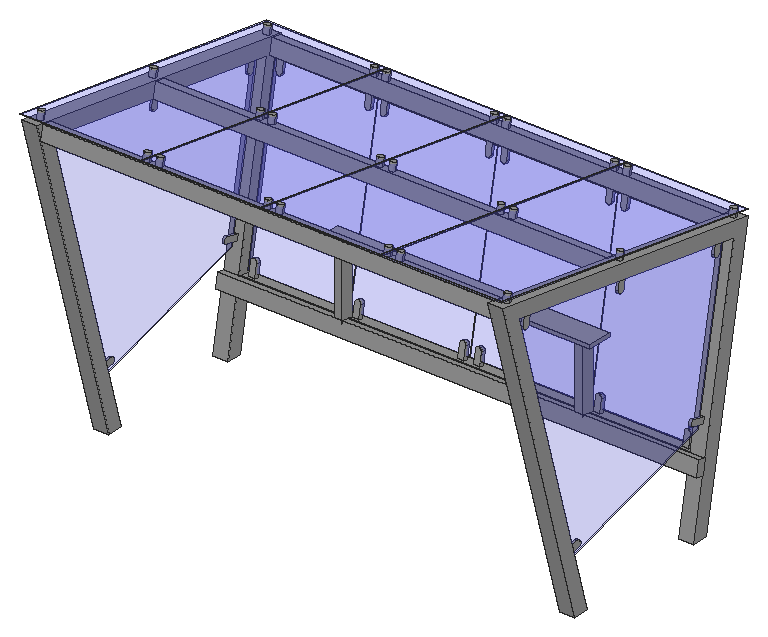
Revit family "12197 Павильон для курения «Смоки» Хоббика", category Антураж, Revit 2018
Family settings
  На основе рабочей плоскости = Нет
  Всегда вертикально = Да
  При загрузке вырезать с полостями = Нет
  Источник визуального образа = Геометрия семейства
  Общий = Нет
  Точка расчета площади = Нет
Parameters (values of type "Павильон для курения «Смоки»")
  Ширина = 2500 mm  # constant formula
  Цвет подставки = Дерево
  Цвет каркаса = Сталь
  Цвет витража = Стекло
  Описание = "Павильон для курения «Смоки»"  # constant formula
  Материал изделия = "Сталь, закаленное стекло, дерево"  # constant formula
  Изображение типоразмера = Павильон для курения «Смоки» Арт 12197.jpeg
  Изготовитель = "ООО «Хоббика»"  # constant formula
  Длина = 3900 mm  # constant formula
  Группа модели = "Павильоны, остановки, курилки, буккроссинг"  # constant formula
  Высота = 2465 mm  # constant formula
  Артикул товара = "Арт. 12197"  # constant formula
  URL = "https://hobbyka.ru/product/pavilon_dlya_kureniya_smoki/"
Reference planes
  plane 1 "По центру (Вперед/Назад)": y = 0
  plane 2: z = 0
  plane 3 "По центру (Влево/Вправо)": x = 0
  plane 4: y = 2500
  plane 5: x = 3900
  plane 6: z = 2465
Forms (mm)
  Extrusion 1, solid, material "Стекло" <- "Цвет витража"
    sketch origin (0, 0, 0) x (0, 1, 0) y (0, 0, 1)
      loop
        line (2500, 2045) -> (0, 2465) -> (0, 2454.86) -> (2500, 2034.86) -> (2500, 2045)
    from 0 to 975
  Extrusion 2, solid, material "Стекло" <- "Цвет витража"
    sketch origin (0, 0, 0) x (0, 1, 0) y (0, 0, 1)
      loop
        line (2500, 2045) -> (0, 2465) -> (0, 2454.86) -> (2500, 2034.86) -> (2500, 2045)
    from 975 to 1950
  Extrusion 3, solid, material "Стекло" <- "Цвет витража"
    sketch origin (0, 0, 0) x (0, 1, 0) y (0, 0, 1)
      loop
        line (2500, 2045) -> (0, 2465) -> (0, 2454.86) -> (2500, 2034.86) -> (2500, 2045)
    from 1950 to 2925
  Extrusion 4, solid, material "Стекло" <- "Цвет витража"
    sketch origin (0, 0, 0) x (0, 1, 0) y (0, 0, 1)
      loop
        line (2500, 2045) -> (0, 2465) -> (0, 2454.86) -> (2500, 2034.86) -> (2500, 2045)
    from 2925 to 3900
  Extrusion 5, solid, material "Сталь" <- "Цвет каркаса"
    sketch origin (0, 0, 0) x (0, 1, 0) y (0, 0, 1)
      loop
        line (12.164, 2412.256) -> (743.73, -150) -> (868.525, -150) -> (179.74, 2262.421) -> (2350.74, 1897.693) -> (1948.217, -150) -> (2070.514, -150) -> (2492.282, 1995.596) -> (12.164, 2412.256)
    from 0 to 120
  Extrusion 6, solid, material "Стекло" <- "Цвет витража"
    sketch origin (0, 0, 0) x (0, 1, 0) y (0, 0, 1)
      loop
        line (214.651, 2231.206) -> (782.58, 242.077) -> (2072.19, 610.282) -> (2321.252, 1877.297) -> (214.651, 2231.206)
    from 55 to 65
  Extrusion 7, solid, material "Сталь" <- "Цвет каркаса"
    sketch origin (0, 0, 0) x (0, 1, 0) y (0, 0, 1)
      loop
        line (302.901, 2241.73) -> (286.333, 2143.112)
        arc (286.333, 2143.112) -> (306.846, 2114.316) -> (335.642, 2134.828) r 25
        line (335.642, 2134.828) -> (352.21, 2233.446) -> (302.901, 2241.73)
      loop
        line (1265.24, 2080.057) -> (1248.672, 1981.439)
        arc (1248.672, 1981.439) -> (1269.185, 1952.643) -> (1297.981, 1973.155) r 25
        line (1297.981, 1973.155) -> (1314.549, 2071.773) -> (1265.24, 2080.057)
      loop
        line (2236.627, 1916.864) -> (2220.059, 1818.246)
        arc (2220.059, 1818.246) -> (2240.572, 1789.45) -> (2269.368, 1809.962) r 25
        line (2269.368, 1809.962) -> (2285.936, 1908.58) -> (2236.627, 1916.864)
      loop
        line (747.559, 273.676) -> (843.716, 301.131)
        arc (843.716, 301.131) -> (860.892, 332.034) -> (829.989, 349.21) r 25
        line (829.989, 349.21) -> (733.832, 321.755) -> (747.559, 273.676)
      loop
        arc (2015.174, 709.067) -> (1985.821, 689.358) -> (2005.53, 660.006) r 25
        line (2005.53, 660.006) -> (2103.652, 640.717) -> (2113.296, 689.778) -> (2015.174, 709.067)
    from 50 to 70
  Extrusion 8, solid, material "Сталь" <- "Цвет каркаса"
    sketch origin (0, 0, 0) x (0, 1, 0) y (0, 0, 1)
      loop
        line (12.164, 2412.256) -> (743.73, -150) -> (868.525, -150) -> (179.74, 2262.421) -> (2350.74, 1897.693) -> (1948.217, -150) -> (2070.514, -150) -> (2492.282, 1995.596) -> (12.164, 2412.256)
    from 3780 to 3900
  Extrusion 9, solid, material "Стекло" <- "Цвет витража"
    sketch origin (0, 0, 0) x (0, 1, 0) y (0, 0, 1)
      loop
        line (214.651, 2231.206) -> (782.58, 242.077) -> (2072.19, 610.282) -> (2321.252, 1877.297) -> (214.651, 2231.206)
    from 3835 to 3845
  Extrusion 10, solid, material "Сталь" <- "Цвет каркаса"
    sketch origin (0, 0, 0) x (0, 1, 0) y (0, 0, 1)
      loop
        line (302.901, 2241.73) -> (286.333, 2143.112)
        arc (286.333, 2143.112) -> (306.846, 2114.316) -> (335.642, 2134.828) r 25
        line (335.642, 2134.828) -> (352.21, 2233.446) -> (302.901, 2241.73)
      loop
        line (1265.24, 2080.057) -> (1248.672, 1981.439)
        arc (1248.672, 1981.439) -> (1269.185, 1952.643) -> (1297.981, 1973.155) r 25
        line (1297.981, 1973.155) -> (1314.549, 2071.773) -> (1265.24, 2080.057)
      loop
        line (2236.627, 1916.864) -> (2220.059, 1818.246)
        arc (2220.059, 1818.246) -> (2240.572, 1789.45) -> (2269.368, 1809.962) r 25
        line (2269.368, 1809.962) -> (2285.936, 1908.58) -> (2236.627, 1916.864)
      loop
        line (747.559, 273.676) -> (843.716, 301.131)
        arc (843.716, 301.131) -> (860.892, 332.034) -> (829.989, 349.21) r 25
        line (829.989, 349.21) -> (733.832, 321.755) -> (747.559, 273.676)
      loop
        arc (2015.174, 709.067) -> (1985.821, 689.358) -> (2005.53, 660.006) r 25
        line (2005.53, 660.006) -> (2103.652, 640.717) -> (2113.296, 689.778) -> (2015.174, 709.067)
    from 3830 to 3850
  Extrusion 11, solid, material "Сталь" <- "Цвет каркаса"
    sketch origin (0, 0, 0) x (0, 1, 0) y (0, 0, 1)
      loop
        line (2448.714, 1881.234) -> (2468.595, 1999.575) -> (2389.671, 2012.835) -> (2369.789, 1894.493) -> (2448.714, 1881.234)
      loop
        line (1268.53, 2079.505) -> (1291.685, 2197.296) -> (1212.761, 2210.556) -> (1189.606, 2092.764) -> (1268.53, 2079.505)
      loop
        line (127.581, 2271.184) -> (150.736, 2388.976) -> (71.811, 2402.235) -> (48.657, 2284.443) -> (127.581, 2271.184)
    from 120 to 3780
  Extrusion 12, solid, material "Сталь" <- "Цвет каркаса"
    sketch origin (0, -298.09, 433.019) x (1, 0, 0) y (0, 0.98618, -0.165678)
      loop
        circle (60, 2421.511) r 25
      loop
        circle (60, 95.952) r 25
      loop
        circle (60, 1252.223) r 25
      loop
        circle (925, 2421.511) r 25
      loop
        circle (925, 95.952) r 25
      loop
        circle (925, 1252.223) r 25
      loop
        circle (1900, 2421.511) r 25
      loop
        circle (1900, 95.952) r 25
      loop
        circle (1900, 1252.223) r 25
      loop
        circle (2875, 2421.511) r 25
      loop
        circle (2875, 95.952) r 25
      loop
        circle (2875, 1252.223) r 25
      loop
        circle (2975, 2421.511) r 25
      loop
        circle (2975, 95.952) r 25
      loop
        circle (2975, 1252.223) r 25
      loop
        circle (2000, 2421.511) r 25
      loop
        circle (2000, 95.952) r 25
      loop
        circle (2000, 1252.223) r 25
      loop
        circle (1025, 2421.511) r 25
      loop
        circle (1025, 95.952) r 25
      loop
        circle (1025, 1252.223) r 25
      loop
        circle (3840, 2421.511) r 25
      loop
        circle (3840, 95.952) r 25
      loop
        circle (3840, 1252.223) r 25
    from 2003.285 to 2063.285
  Extrusion 13, solid, material "Стекло" <- "Цвет витража"
    sketch origin (0, 0, 0) x (0, 1, 0) y (0, 0, 1)
      loop
        line (2400.177, 1864.038) -> (2120.639, 441.987) -> (2130.451, 440.058) -> (2410.042, 1862.38) -> (2400.177, 1864.038)
    from 145 to 975
  Extrusion 14, solid, material "Стекло" <- "Цвет витража"
    sketch origin (0, 0, 0) x (0, 1, 0) y (0, 0, 1)
      loop
        line (2400.177, 1864.038) -> (2120.639, 441.987) -> (2130.451, 440.058) -> (2410.042, 1862.38) -> (2400.177, 1864.038)
    from 975 to 1950
  Extrusion 15, solid, material "Стекло" <- "Цвет витража"
    sketch origin (0, 0, 0) x (0, 1, 0) y (0, 0, 1)
      loop
        line (2400.177, 1864.038) -> (2120.639, 441.987) -> (2130.451, 440.058) -> (2410.042, 1862.38) -> (2400.177, 1864.038)
    from 1950 to 2925
  Extrusion 16, solid, material "Стекло" <- "Цвет витража"
    sketch origin (3900, 0, 0) x (0, 1, 0) y (0, 0, -1)
      loop
        line (2400.177, -1864.038) -> (2410.042, -1862.38) -> (2130.451, -440.058) -> (2120.639, -441.987) -> (2400.177, -1864.038)
    from 145 to 975
  Extrusion 17, solid, material "Сталь" <- "Цвет каркаса"
    sketch origin (-212.5, -274.979, 450.335) x (1, 0, 0) y (0, 0.165678, 0.98618)
      loop
        line (380, 1862.38) -> (380, 1762.38)
        arc (380, 1762.38) -> (405, 1737.38) -> (430, 1762.38) r 25
        line (430, 1762.38) -> (430, 1862.38) -> (380, 1862.38)
    from -2399.374 to -2415.611
  Extrusion 18, solid, material "Сталь" <- "Цвет каркаса"
    sketch origin (507.5, -274.979, 450.335) x (1, 0, 0) y (0, 0.165678, 0.98618)
      loop
        line (380, 1862.38) -> (380, 1762.38)
        arc (380, 1762.38) -> (405, 1737.38) -> (430, 1762.38) r 25
        line (430, 1762.38) -> (430, 1862.38) -> (380, 1862.38)
    from -2399.374 to -2415.611
  Extrusion 19, solid, material "Сталь" <- "Цвет каркаса"
    sketch origin (1442.5, -274.979, 450.335) x (-1, 0, 0) y (0, -0.165678, -0.98618)
      loop
        line (380, -1862.38) -> (430, -1862.38) -> (430, -1762.38)
        arc (430, -1762.38) -> (405, -1737.38) -> (380, -1762.38) r 25
        line (380, -1762.38) -> (380, -1862.38)
    from -2399.374 to -2415.611
  Extrusion 20, solid, material "Сталь" <- "Цвет каркаса"
    sketch origin (4112.5, -274.979, 450.335) x (-1, 0, 0) y (0, -0.165678, -0.98618)
      loop
        line (380, -1862.38) -> (430, -1862.38) -> (430, -1762.38)
        arc (430, -1762.38) -> (405, -1737.38) -> (380, -1762.38) r 25
        line (380, -1762.38) -> (380, -1862.38)
    from -2399.374 to -2415.611
  Extrusion 21, solid, material "Сталь" <- "Цвет каркаса"
    sketch origin (3392.5, -274.979, 450.335) x (-1, 0, 0) y (0, -0.165678, -0.98618)
      loop
        line (380, -1862.38) -> (430, -1862.38) -> (430, -1762.38)
        arc (430, -1762.38) -> (405, -1737.38) -> (380, -1762.38) r 25
        line (380, -1762.38) -> (380, -1862.38)
    from -2399.374 to -2415.611
  Extrusion 22, solid, material "Сталь" <- "Цвет каркаса"
    sketch origin (2457.5, -274.979, 450.335) x (1, 0, 0) y (0, 0.165678, 0.98618)
      loop
        line (380, 1862.38) -> (380, 1762.38)
        arc (380, 1762.38) -> (405, 1737.38) -> (430, 1762.38) r 25
        line (430, 1762.38) -> (430, 1862.38) -> (380, 1862.38)
    from -2399.374 to -2415.611
  Extrusion 23, solid, material "Сталь" <- "Цвет каркаса"
    sketch origin (2417.5, -274.979, 450.335) x (-1, 0, 0) y (0, -0.165678, -0.98618)
      loop
        line (380, -1862.38) -> (430, -1862.38) -> (430, -1762.38)
        arc (430, -1762.38) -> (405, -1737.38) -> (380, -1762.38) r 25
        line (380, -1762.38) -> (380, -1862.38)
    from -2399.374 to -2415.611
  Extrusion 24, solid, material "Сталь" <- "Цвет каркаса"
    sketch origin (1482.5, -274.979, 450.335) x (1, 0, 0) y (0, 0.165678, 0.98618)
      loop
        line (380, 1862.38) -> (380, 1762.38)
        arc (380, 1762.38) -> (405, 1737.38) -> (430, 1762.38) r 25
        line (430, 1762.38) -> (430, 1862.38) -> (380, 1862.38)
    from -2399.374 to -2415.611
  Extrusion 25, solid, material "Сталь" <- "Цвет каркаса"
    sketch origin (0, 0, 0) x (0, 1, 0) y (0, 0, 1)
      loop
        line (2156.451, 287.172) -> (2179.596, 404.919) -> (2061.85, 428.065) -> (2038.704, 310.318) -> (2156.451, 287.172)
    from 120 to 3780
  Extrusion 26, solid, material "Сталь" <- "Цвет каркаса"
    sketch origin (0, -43.849, 405.733) x (1, 0, 0) y (0, 0.192882, 0.981222)
      loop
        line (167.5, 428.065) -> (217.5, 428.065) -> (217.5, 528.065)
        arc (217.5, 528.065) -> (192.5, 553.065) -> (167.5, 528.065) r 25
        line (167.5, 528.065) -> (167.5, 428.065)
      loop
        line (887.5, 428.065) -> (937.5, 428.065) -> (937.5, 528.065)
        arc (937.5, 528.065) -> (912.5, 553.065) -> (887.5, 528.065) r 25
        line (887.5, 528.065) -> (887.5, 428.065)
      loop
        line (1012.5, 428.065) -> (1062.5, 428.065) -> (1062.5, 528.065)
        arc (1062.5, 528.065) -> (1037.5, 553.065) -> (1012.5, 528.065) r 25
        line (1012.5, 528.065) -> (1012.5, 428.065)
      loop
        line (1862.5, 428.065) -> (1912.5, 428.065) -> (1912.5, 528.065)
        arc (1912.5, 528.065) -> (1887.5, 553.065) -> (1862.5, 528.065) r 25
        line (1862.5, 528.065) -> (1862.5, 428.065)
      loop
        line (1987.5, 428.065) -> (2037.5, 428.065) -> (2037.5, 528.065)
        arc (2037.5, 528.065) -> (2012.5, 553.065) -> (1987.5, 528.065) r 25
        line (1987.5, 528.065) -> (1987.5, 428.065)
      loop
        line (2837.5, 428.065) -> (2887.5, 428.065) -> (2887.5, 528.065)
        arc (2887.5, 528.065) -> (2862.5, 553.065) -> (2837.5, 528.065) r 25
        line (2837.5, 528.065) -> (2837.5, 428.065)
      loop
        line (2962.5, 428.065) -> (3012.5, 428.065) -> (3012.5, 528.065)
        arc (3012.5, 528.065) -> (2987.5, 553.065) -> (2962.5, 528.065) r 25
        line (2962.5, 528.065) -> (2962.5, 428.065)
      loop
        line (3682.5, 428.065) -> (3732.5, 428.065) -> (3732.5, 528.065)
        arc (3732.5, 528.065) -> (3707.5, 553.065) -> (3682.5, 528.065) r 25
        line (3682.5, 528.065) -> (3682.5, 428.065)
    from -2106.85 to -2136.85
  Extrusion 27, solid, material "Сталь" <- "Цвет каркаса"
    sketch origin (0, 0, 0) x (0, 1, 0) y (0, 0, 1)
      loop
        line (2061.85, 428.065) -> (2002.977, 439.638) -> (1979.831, 321.891) -> (2038.704, 310.318) -> (2061.85, 428.065)
    from 0 to 3900
  Extrusion 28, solid, material "Сталь" <- "Цвет каркаса"
    sketch origin (0, 0, 0) x (1, 0, 0) y (0, 1, 0)
      loop
        line (1005, 2106.005) -> (945, 2106.005) -> (945, 2002.977) -> (1005, 2002.977) -> (1005, 2106.005)
      loop
        line (2955, 2106.005) -> (2895, 2106.005) -> (2895, 2002.977) -> (2955, 2002.977) -> (2955, 2106.005)
    from 413.447 to 970
  Extrusion 29, solid, material "Дерево" <- "Цвет подставки"
    sketch origin (0, 0, 0) x (0, 1, 0) y (0, 0, 1)
      loop
        line (2156.005, 970) -> (2156.005, 1000) -> (1952.977, 1000) -> (1952.977, 970) -> (2156.005, 970)
    from 845 to 3055
Lines and regions (mm)
  symbolic lines
    curve 1: line (0, 1265.24, 2080.057) -> (0, 1248.672, 1981.439)
    curve 2: line (0, 1248.672, 1981.439) -> (0, 1297.981, 1973.155)
    curve 3: line (0, 1297.981, 1973.155) -> (0, 1314.549, 2071.773)
    curve 4: line (0, 733.832, 321.755) -> (0, 829.989, 349.21)
    curve 5: line (0, 829.989, 349.21) -> (0, 843.716, 301.131)
    curve 6: line (0, 843.716, 301.131) -> (0, 747.559, 273.676)
    curve 7: line (0, 2103.652, 640.717) -> (0, 2005.53, 660.006)
    curve 8: line (0, 2005.53, 660.006) -> (0, 2015.174, 709.067)
    curve 9: line (0, 2015.174, 709.067) -> (0, 2113.296, 689.778)
    curve 10: line (0, 2236.627, 1916.864) -> (0, 2220.059, 1818.246)
    curve 11: line (0, 2220.059, 1818.246) -> (0, 2269.368, 1809.962)
    curve 12: line (0, 2269.368, 1809.962) -> (0, 2285.936, 1908.58)
    curve 13: line (0, 302.901, 2241.73) -> (0, 286.333, 2143.112)
    curve 14: line (0, 286.333, 2143.112) -> (0, 335.642, 2134.828)
    curve 15: line (0, 335.642, 2134.828) -> (0, 352.21, 2233.446)
    curve 16: line (0, 2061.85, 428.065) -> (0, 2061.85, 583.065)
Dimensions and locks
  "Длина": plane 3 "По центру (Влево/Вправо)" to plane 5
  "Ширина": plane 4 to plane 1 "По центру (Вперед/Назад)"
  "Высота": plane 6 to plane 2
  aligned and locked: level to plane 2
Automatic sketch dimensions
  Extrusion 1 sketch curve to plane 1 "По центру (Вперед/Назад)" = 0 mm
  Extrusion 1 sketch curve to plane 4 = 0 mm
  Extrusion 1 sketch curve to plane 6 = 0 mm
  Extrusion 1 sketch curve to Extrusion 1 sketch curve = 10.14 mm  (x2)
  Extrusion 1 sketch curve to plane 6 = 420 mm
  Extrusion 2 sketch curve to plane 1 "По центру (Вперед/Назад)" = 0 mm
  Extrusion 2 sketch curve to plane 4 = 0 mm
  Extrusion 2 sketch curve to plane 6 = 0 mm
  Extrusion 2 sketch curve to Extrusion 2 sketch curve = 10.14 mm  (x2)
  Extrusion 2 sketch curve to plane 6 = 420 mm
  Extrusion 3 sketch curve to plane 1 "По центру (Вперед/Назад)" = 0 mm
  Extrusion 3 sketch curve to plane 4 = 0 mm
  Extrusion 3 sketch curve to plane 6 = 0 mm
  Extrusion 3 sketch curve to Extrusion 3 sketch curve = 10.14 mm  (x2)
  Extrusion 3 sketch curve to plane 6 = 420 mm
  Extrusion 4 sketch curve to plane 1 "По центру (Вперед/Назад)" = 0 mm
  Extrusion 4 sketch curve to plane 4 = 0 mm
  Extrusion 4 sketch curve to plane 6 = 0 mm
  Extrusion 4 sketch curve to Extrusion 4 sketch curve = 10.14 mm  (x2)
  Extrusion 4 sketch curve to plane 6 = 420 mm
  Extrusion 5 sketch curve to plane 1 "По центру (Вперед/Назад)" = 12.164 mm
  Extrusion 5 sketch curve to plane 1 "По центру (Вперед/Назад)" = 179.74 mm
  Extrusion 5 sketch curve to level = 150 mm  (x2)
  Extrusion 5 sketch curve to plane 1 "По центру (Вперед/Назад)" = 743.73 mm
  Extrusion 5 sketch curve to Extrusion 5 sketch curve = 124.795 mm
  Extrusion 5 sketch curve to plane 4 = 551.783 mm
  Extrusion 5 sketch curve to Extrusion 5 sketch curve = 122.296 mm
  Extrusion 5 sketch curve to plane 4 = 149.26 mm
  Extrusion 5 sketch curve to plane 4 = 7.718 mm
  Extrusion 5 sketch curve to plane 6 = 567.307 mm
  Extrusion 5 sketch curve to Extrusion 5 sketch curve = 97.903 mm
  Extrusion 5 sketch curve to plane 6 = 202.579 mm
  Extrusion 5 sketch curve to plane 6 = 52.744 mm
  Extrusion 6 sketch curve to plane 1 "По центру (Вперед/Назад)" = 214.651 mm
  level to Extrusion 6 sketch curve = 242.077 mm
  Extrusion 6 sketch curve to plane 1 "По центру (Вперед/Назад)" = 782.58 mm
  Extrusion 6 sketch curve to plane 4 = 427.81 mm
  Extrusion 6 sketch curve to plane 4 = 178.748 mm
  level to Extrusion 6 sketch curve = 610.282 mm
  Extrusion 6 sketch curve to plane 6 = 587.703 mm
  Extrusion 7 sketch curve to plane 1 "По центру (Вперед/Назад)" = 286.333 mm
  Extrusion 7 sketch curve to Extrusion 7 sketch curve = 16.568 mm  (x3)
  Extrusion 7 sketch curve to Extrusion 7 sketch curve = 24.654 mm  (x6)
  Extrusion 7 sketch curve to plane 6 = 231.554 mm
  Extrusion 7 sketch curve to Extrusion 7 sketch curve = 49.309 mm  (x2)
  level to Extrusion 7 sketch curve = 321.755 mm
  Extrusion 7 sketch curve to plane 1 "По центру (Вперед/Назад)" = 733.832 mm
  level to Extrusion 7 sketch curve = 273.676 mm
  Extrusion 7 sketch curve to Extrusion 7 sketch curve = 13.727 mm
  level to Extrusion 7 sketch curve = 349.21 mm
  Extrusion 7 sketch curve to Extrusion 7 sketch curve = 6.864 mm
  level to Extrusion 7 sketch curve = 301.131 mm
  Extrusion 7 sketch curve to plane 6 = 483.561 mm
  Extrusion 7 sketch curve to Extrusion 7 sketch curve = 913.03 mm
  Extrusion 7 sketch curve to plane 6 = 384.943 mm
  Extrusion 7 sketch curve to plane 6 = 491.845 mm
  Extrusion 7 sketch curve to plane 4 = 494.47 mm
  Extrusion 7 sketch curve to Extrusion 7 sketch curve = 4.822 mm  (x2)
  Extrusion 7 sketch curve to Extrusion 7 sketch curve = 98.122 mm
  Extrusion 7 sketch curve to Extrusion 7 sketch curve = 9.644 mm
  Extrusion 7 sketch curve to plane 4 = 279.941 mm
  level to Extrusion 7 sketch curve = 640.717 mm
  Extrusion 7 sketch curve to Extrusion 7 sketch curve = 19.288 mm
  Extrusion 7 sketch curve to plane 6 = 655.038 mm
  Extrusion 7 sketch curve to Extrusion 7 sketch curve = 4.142 mm
  Extrusion 7 sketch curve to Extrusion 7 sketch curve = 98.618 mm
  Extrusion 8 sketch curve to plane 1 "По центру (Вперед/Назад)" = 12.164 mm
  Extrusion 8 sketch curve to plane 1 "По центру (Вперед/Назад)" = 179.74 mm
  Extrusion 8 sketch curve to level = 150 mm  (x2)
  Extrusion 8 sketch curve to plane 1 "По центру (Вперед/Назад)" = 743.73 mm
  Extrusion 8 sketch curve to Extrusion 8 sketch curve = 124.795 mm
  Extrusion 8 sketch curve to plane 4 = 551.783 mm
  Extrusion 8 sketch curve to Extrusion 8 sketch curve = 122.296 mm
  Extrusion 8 sketch curve to plane 4 = 149.26 mm
  Extrusion 8 sketch curve to plane 4 = 7.718 mm
  Extrusion 8 sketch curve to plane 6 = 567.307 mm
  Extrusion 8 sketch curve to Extrusion 8 sketch curve = 97.903 mm
  Extrusion 8 sketch curve to plane 6 = 202.579 mm
  Extrusion 8 sketch curve to plane 6 = 52.744 mm
  Extrusion 9 sketch curve to plane 1 "По центру (Вперед/Назад)" = 214.651 mm
  level to Extrusion 9 sketch curve = 242.077 mm
  Extrusion 9 sketch curve to plane 1 "По центру (Вперед/Назад)" = 782.58 mm
  Extrusion 9 sketch curve to plane 4 = 427.81 mm
  Extrusion 9 sketch curve to plane 4 = 178.748 mm
  level to Extrusion 9 sketch curve = 610.282 mm
  Extrusion 9 sketch curve to plane 6 = 587.703 mm
  Extrusion 10 sketch curve to plane 1 "По центру (Вперед/Назад)" = 286.333 mm
  Extrusion 10 sketch curve to Extrusion 10 sketch curve = 16.568 mm  (x3)
  Extrusion 10 sketch curve to Extrusion 10 sketch curve = 24.654 mm  (x6)
  Extrusion 10 sketch curve to plane 6 = 231.554 mm
  Extrusion 10 sketch curve to Extrusion 10 sketch curve = 49.309 mm  (x2)
  level to Extrusion 10 sketch curve = 321.755 mm
  Extrusion 10 sketch curve to plane 1 "По центру (Вперед/Назад)" = 733.832 mm
  level to Extrusion 10 sketch curve = 273.676 mm
  Extrusion 10 sketch curve to Extrusion 10 sketch curve = 13.727 mm
  level to Extrusion 10 sketch curve = 349.21 mm
  Extrusion 10 sketch curve to Extrusion 10 sketch curve = 6.864 mm
  level to Extrusion 10 sketch curve = 301.131 mm
  Extrusion 10 sketch curve to plane 6 = 483.561 mm
  Extrusion 10 sketch curve to Extrusion 10 sketch curve = 913.03 mm
  Extrusion 10 sketch curve to plane 6 = 384.943 mm
  Extrusion 10 sketch curve to plane 6 = 491.845 mm
  Extrusion 10 sketch curve to plane 4 = 494.47 mm
  Extrusion 10 sketch curve to Extrusion 10 sketch curve = 4.822 mm  (x2)
  Extrusion 10 sketch curve to Extrusion 10 sketch curve = 98.122 mm
  Extrusion 10 sketch curve to Extrusion 10 sketch curve = 9.644 mm
  Extrusion 10 sketch curve to plane 4 = 279.941 mm
  level to Extrusion 10 sketch curve = 640.717 mm
  Extrusion 10 sketch curve to Extrusion 10 sketch curve = 19.288 mm
  Extrusion 10 sketch curve to plane 6 = 655.038 mm
  Extrusion 10 sketch curve to Extrusion 10 sketch curve = 4.142 mm
  Extrusion 10 sketch curve to Extrusion 10 sketch curve = 98.618 mm
  Extrusion 11 sketch curve to plane 1 "По центру (Вперед/Назад)" = 48.657 mm
  Extrusion 11 sketch curve to plane 1 "По центру (Вперед/Назад)" = 71.811 mm
  Extrusion 11 sketch curve to Extrusion 11 sketch curve = 78.925 mm  (x4)
  Extrusion 11 sketch curve to plane 6 = 372.236 mm
  Extrusion 11 sketch curve to Extrusion 11 sketch curve = 1062.025 mm
  Extrusion 11 sketch curve to plane 6 = 254.444 mm
  Extrusion 11 sketch curve to Extrusion 11 sketch curve = 23.155 mm
  Extrusion 11 sketch curve to plane 6 = 385.495 mm
  Extrusion 11 sketch curve to plane 6 = 267.704 mm
  Extrusion 11 sketch curve to plane 4 = 130.211 mm
  Extrusion 11 sketch curve to plane 4 = 110.329 mm
  Extrusion 11 sketch curve to plane 4 = 51.286 mm
  Extrusion 11 sketch curve to plane 6 = 452.165 mm
  Extrusion 11 sketch curve to Extrusion 11 sketch curve = 13.259 mm  (x2)
  Extrusion 11 sketch curve to plane 6 = 193.816 mm
  Extrusion 11 sketch curve to plane 6 = 76.024 mm
  Extrusion 11 sketch curve to plane 6 = 62.765 mm
  plane 3 "По центру (Влево/Вправо)" to Extrusion 12 sketch curve = 60 mm  (x3)
  Extrusion 12 sketch curve to Extrusion 12 sketch curve = 865 mm  (x3)
  Extrusion 12 sketch curve to Extrusion 12 sketch curve = 100 mm  (x9)
  Extrusion 12 sketch curve to Extrusion 12 sketch curve = 875 mm  (x6)
  Extrusion 12 sketch curve to plane 5 = 60 mm  (x3)
  Extrusion 12 sketch curve to Extrusion 12 sketch curve = 0 mm  (x20)
  Extrusion 12 sketch curve to Extrusion 12 sketch curve = 1156.271 mm
  Extrusion 12 sketch curve to Extrusion 12 sketch curve = 1169.288 mm  (x2)
  Extrusion 13 sketch curve to plane 4 = 379.361 mm
  Extrusion 13 sketch curve to Extrusion 13 sketch curve = 9.812 mm
  Extrusion 13 sketch curve to plane 4 = 99.823 mm
  Extrusion 13 sketch curve to Extrusion 13 sketch curve = 9.866 mm
  level to Extrusion 13 sketch curve = 440.058 mm
  Extrusion 13 sketch curve to Extrusion 13 sketch curve = 1.929 mm
  Extrusion 14 sketch curve to plane 4 = 379.361 mm
  Extrusion 14 sketch curve to Extrusion 14 sketch curve = 9.812 mm
  Extrusion 14 sketch curve to plane 4 = 99.823 mm
  Extrusion 14 sketch curve to Extrusion 14 sketch curve = 9.866 mm
  level to Extrusion 14 sketch curve = 440.058 mm
  Extrusion 14 sketch curve to Extrusion 14 sketch curve = 1.929 mm
  Extrusion 15 sketch curve to plane 4 = 379.361 mm
  Extrusion 15 sketch curve to Extrusion 15 sketch curve = 9.812 mm
  Extrusion 15 sketch curve to plane 4 = 99.823 mm
  Extrusion 15 sketch curve to Extrusion 15 sketch curve = 9.866 mm
  level to Extrusion 15 sketch curve = 440.058 mm
  Extrusion 15 sketch curve to Extrusion 15 sketch curve = 1.929 mm
  Extrusion 16 sketch curve to plane 4 = 379.361 mm
  Extrusion 16 sketch curve to Extrusion 16 sketch curve = 9.812 mm
  Extrusion 16 sketch curve to plane 4 = 99.823 mm
  Extrusion 16 sketch curve to Extrusion 16 sketch curve = 9.866 mm
  Extrusion 16 sketch curve to plane 6 = 600.962 mm
  Extrusion 16 sketch curve to Extrusion 16 sketch curve = 1.657 mm
  plane 3 "По центру (Влево/Вправо)" to Extrusion 17 sketch curve = 167.5 mm
  Extrusion 17 sketch curve to Extrusion 17 sketch curve = 25 mm
  Extrusion 17 sketch curve to Extrusion 17 sketch curve = 100 mm
  plane 3 "По центру (Влево/Вправо)" to Extrusion 18 sketch curve = 887.5 mm
  Extrusion 18 sketch curve to Extrusion 18 sketch curve = 25 mm
  Extrusion 18 sketch curve to Extrusion 18 sketch curve = 100 mm
  plane 3 "По центру (Влево/Вправо)" to Extrusion 19 sketch curve = 1062.5 mm
  Extrusion 19 sketch curve to Extrusion 19 sketch curve = 25 mm
  Extrusion 19 sketch curve to Extrusion 19 sketch curve = 100 mm
  Extrusion 20 sketch curve to plane 5 = 167.5 mm
  Extrusion 20 sketch curve to Extrusion 20 sketch curve = 25 mm
  Extrusion 20 sketch curve to Extrusion 20 sketch curve = 100 mm
  Extrusion 21 sketch curve to plane 5 = 887.5 mm
  Extrusion 21 sketch curve to Extrusion 21 sketch curve = 25 mm
  Extrusion 21 sketch curve to Extrusion 21 sketch curve = 100 mm
  Extrusion 22 sketch curve to plane 5 = 1062.5 mm
  Extrusion 22 sketch curve to Extrusion 22 sketch curve = 25 mm
  Extrusion 22 sketch curve to Extrusion 22 sketch curve = 100 mm
  Extrusion 23 sketch curve to plane 5 = 1862.5 mm
  Extrusion 23 sketch curve to Extrusion 23 sketch curve = 25 mm
  Extrusion 23 sketch curve to Extrusion 23 sketch curve = 100 mm
  plane 3 "По центру (Влево/Вправо)" to Extrusion 24 sketch curve = 1862.5 mm
  Extrusion 24 sketch curve to Extrusion 24 sketch curve = 25 mm
  Extrusion 24 sketch curve to Extrusion 24 sketch curve = 100 mm
  level to Extrusion 25 sketch curve = 287.172 mm
  Extrusion 25 sketch curve to Extrusion 25 sketch curve = 117.747 mm
  Extrusion 25 sketch curve to Extrusion 25 sketch curve = 23.146 mm  (x2)
  Extrusion 25 sketch curve to plane 4 = 320.404 mm
  plane 3 "По центру (Влево/Вправо)" to Extrusion 26 sketch curve = 167.5 mm
  Extrusion 26 sketch curve to Extrusion 26 sketch curve = 25 mm  (x8)
  Extrusion 26 sketch curve to Extrusion 26 sketch curve = 670 mm
  Extrusion 26 sketch curve to Extrusion 26 sketch curve = 75 mm  (x3)
  Extrusion 26 sketch curve to Extrusion 26 sketch curve = 800 mm  (x2)
  Extrusion 26 sketch curve to plane 5 = 217.5 mm
  Extrusion 26 sketch curve to Extrusion 26 sketch curve = 0 mm  (x10)
  Extrusion 26 sketch curve to Extrusion 26 sketch curve = 100 mm  (x5)
  Extrusion 27 sketch curve to plane 4 = 497.023 mm
  Extrusion 27 sketch curve to Extrusion 27 sketch curve = 11.573 mm
  level to Extrusion 27 sketch curve = 310.318 mm
  Extrusion 27 sketch curve to Extrusion 27 sketch curve = 23.146 mm
  Extrusion 27 sketch curve to Extrusion 27 sketch curve = 58.873 mm
  Extrusion 28 sketch curve to plane 4 = 393.995 mm  (x2)
  plane 3 "По центру (Влево/Вправо)" to Extrusion 28 sketch curve = 945 mm
  Extrusion 28 sketch curve to Extrusion 28 sketch curve = 60 mm  (x2)
  Extrusion 28 sketch curve to plane 5 = 1005 mm
  Extrusion 28 sketch curve to plane 4 = 497.023 mm
  Extrusion 28 sketch curve to Extrusion 28 sketch curve = 103.028 mm
  curve 13 to curve 14 = 49.309 mm
  level to curve 4 = 349.21 mm
  level to curve 5 = 301.131 mm
  curve 4 to curve 5 = 13.727 mm
  curve 14 to curve 2 = 913.03 mm
  curve 3 to plane 6 = 491.845 mm
  curve 1 to curve 3 = 49.309 mm
  curve 8 to plane 4 = 494.47 mm
  curve 7 to curve 9 = 9.644 mm  (x2)
  curve 11 to plane 4 = 279.941 mm
  curve 10 to curve 12 = 49.309 mm  (x2)
  curve 7 to curve 8 = 49.061 mm
  curve 11 to plane 6 = 655.038 mm
  curve 11 to curve 11 = 8.284 mm
  curve 2 to curve 1 = 8.284 mm
  curve 14 to curve 14 = 8.284 mm
  curve 13 to plane 6 = 223.27 mm
  curve 15 to plane 6 = 231.554 mm
  level to curve 4 = 321.755 mm
  level to curve 6 = 273.676 mm
  curve 1 to plane 6 = 384.943 mm
  curve 3 to plane 6 = 393.227 mm
  curve 16 to curve 16 = 155 mm
  curve 2 to curve 10 = 922.078 mm
  curve 5 to plane 1 "По центру (Вперед/Назад)" = 843.716 mm
  level to curve 7 = 660.006 mm
  curve 14 to curve 15 = 98.618 mm
  curve 7 to curve 16 = 56.32 mm
  curve 16 to curve 7 = 41.802 mm
  curve 10 to curve 10 = 16.568 mm
  curve 16 to curve 7 = 212.652 mm
  Extrusion 29 sketch curve to plane 4 = 547.023 mm
  Extrusion 29 sketch curve to Extrusion 29 sketch curve = 203.028 mm
  level to Extrusion 29 sketch curve = 970 mm
  Extrusion 29 sketch curve to Extrusion 29 sketch curve = 30 mm
  radius of Extrusion 12 sketch curve = 25 mm  (x24)
